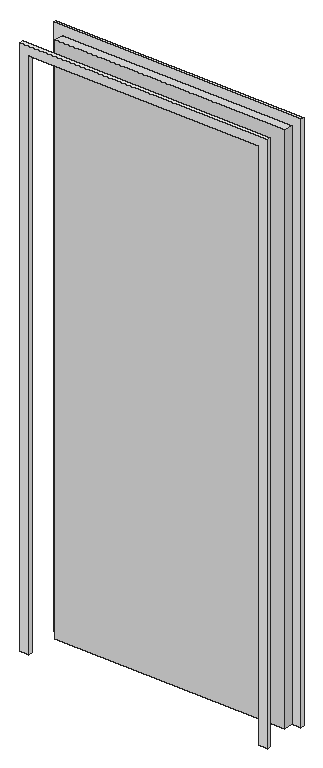
Revit family "Porta_Simples", category Doors, host Wall, Revit 2025
Family settings
  Host = Wall
  OmniClass Number = 23.30.10.00
  OmniClass Title = Doors
  Always vertical = Yes
  Cut with Voids When Loaded = No
  Shared = No
  Room Calculation Point = Yes
Parameters (values of type "POR_090x210_SIM_BOX_CEG_PNE")
  Thickness = 35.00 mm
  Function = Interior
  Door Material = Folha Porta
  Frame Material = Marco Porta
  Height = 2100.00 mm
  Trim Projection Ext = 12.50 mm
  Trim Projection Int = 12.50 mm
  Trim Width = 35.00 mm
  Wall Closure = By host
  Width = 900.00 mm
  Define Thermal Properties by = Schematic Type
  Analytic Construction = "<None>"
Types (12, lengths in mm): name | Thickness | Door Material | Frame Material | Trim Projection Ext | Trim Projection Int | Trim Width | Width
  POR_090x210_SIM_BOX_CEG_PNE | 35.00 | Folha Porta | Marco Porta | 12.50 | 12.50 | 35.00 | 900.00
  POR_110x210_SIM_INT_CEG | 51.00 | CT_Porta_Folha | CT_Porta_Marco | 12.50 | 12.50 | 35.00 | 1100.00
  POR_030x210_SIM_CEG | 35.00 | Folha Porta | Marco Porta | 10.00 | 10.00 | 30.00 | 300.00
  POR_090x210_SIM_INT_CEG | 35.00 | Folha Porta | Marco Porta | 12.50 | 12.50 | 35.00 | 900.00
  POR_040x210_SIM_CEG | 35.00 | Folha Porta | Marco Porta | 10.00 | 10.00 | 30.00 | 400.00
  POR_200x210_SIM_INT_CEG | 35.00 | Folha Porta | Marco Porta | 12.50 | 12.50 | 35.00 | 2000.00
  POR_150x210_SIM_INT_CEG | 35.00 | Folha Porta | Marco Porta | 12.50 | 12.50 | 35.00 | 1500.00
  POR_100x210_SIM_INT_CEG | 51.00 | CT_Porta_Folha | CT_Porta_Marco | 12.50 | 12.50 | 35.00 | 1000.00
  POR_120x210_SIM_INT_CEG | 35.00 | Folha Porta | Marco Porta | 12.50 | 12.50 | 35.00 | 1200.00
  POR_080x210_SIM_INT_CEG | 35.00 | CT_Porta_Folha | CT_Porta_Marco | 12.50 | 12.50 | 35.00 | 800.00
  POR_060x210_SIM_BOX_CEG | 35.00 | Folha Porta | Marco Porta | 12.50 | 12.50 | 35.00 | 600.00
  POR_070x210_SIM_INT_CEG | 35.00 | Folha Porta | Marco Porta | 12.50 | 12.50 | 35.00 | 700.00
Reference planes
  plane 1: y = 0
  plane 2: z = 0
  plane 3: x = 0
  plane 4: x = -450
  plane 5: x = 450
  plane 6: z = 2100
Forms (mm)
  Extrusion 1, solid, material "Folha Porta" <- "Door Material"
    sketch origin (0, 0, 0) x (1, 0, 0) y (0, 0, 1)
      loop
        line (-450, 2100) -> (-450, 0) -> (450, 0) -> (450, 2100) -> (-450, 2100)
    from -76.2 to -41.2
  Extrusion 2, solid, material "Marco Porta" <- "Frame Material"
    sketch origin (-1524, -76.2, 0) x (1, 0, 0) y (0, 0, 1)
      loop
        line (1039, 2135) -> (1039, 0) -> (1074, 0) -> (1074, 2100) -> (1974, 2100) -> (1974, 0) -> (2009, 0) -> (2009, 2135) -> (1039, 2135)
    from 0 to 12.5
  Extrusion 3, solid, material "Marco Porta" <- "Frame Material"
    sketch origin (-1524, 76.2, 0) x (-1, 0, 0) y (0, 0, 1)
      loop
        line (-2009, 2135) -> (-2009, 0) -> (-1974, 0) -> (-1974, 2100) -> (-1074, 2100) -> (-1074, 0) -> (-1039, 0) -> (-1039, 2135) -> (-2009, 2135)
    from 0 to 12.5
Lines and regions (mm)
  Opening 1
    outline origin (-1524, -76.2, 3657.6) x (0, 0, -1) y (1, 0, 0)
      loop
        line (1557.6, 1074) -> (3657.6, 1074) -> (3657.6, 1974) -> (1557.6, 1974) -> (1557.6, 1074)
  symbolic lines, style "DoorsPanelProjection"
    curve 1: line (450, 76.2, 0) -> (415, 76.2, 0)
    curve 2: line (450, 76.2, 0) -> (450, 977.212, 0)
    curve 3: line (450, 977.212, 0) -> (415, 977.212, 0)
    curve 4: line (415, 76.2, 0) -> (415, 977.212, 0)
  model lines, style "DoorsFrameMullionProjection"
    curve 5: line (-485, -76.2, 0) -> (-485, -76.2, 2135)
    curve 6: line (-485, -76.2, 2135) -> (485, -76.2, 2135)
    curve 7: line (485, -76.2, 2135) -> (485, -76.2, 0)
    curve 8: line (485, 76.2, 0) -> (485, 76.2, 2135)
    curve 9: line (-485, 76.2, 2135) -> (485, 76.2, 2135)
    curve 10: line (-485, 76.2, 2135) -> (-485, 76.2, 0)
  symbolic lines, style "Plan Swing"
    curve 11: arc (415, 977.212, 0) -> (-199.849, 701.295, 0) -> (-451.691, 76.2, 0) r 901.691
Dimensions and locks
  equal spacing: plane 4, plane 3, plane 5
  "Width": plane 4 to plane 5
  locked: host wall to curve 1
  control icon elem to plane 5 = 254.408 mm
  "Height": plane 6 to plane 2
  "Trim Width": plane 4 to curve 5
  "Trim Width": plane 5 to curve 7
  "Trim Width": plane 6 to curve 6
  locked: curve 9 to host wall
  "Trim Projection Ext": Extrusion 3 to host wall
  "Trim Projection Int": Extrusion 2 to host wall
  "Thickness": curve 4 to plane 5
  "Thickness": Extrusion 1 to host wall
  plane 6 to level = 2100.00 mm
  aligned and locked: host wall to Extrusion 1
  aligned and locked: plane 2 to curve 5
  aligned and locked: curve 7 to level
  aligned and locked: curve 8 to curve 7
  aligned and locked: curve 6 to Extrusion 2 sketch curve
  aligned and locked: Extrusion 2 sketch curve to curve 5
  aligned and locked: Extrusion 2 sketch curve to curve 7
  aligned and locked: Extrusion 2 to Extrusion 3 sketch curve
  aligned and locked: Extrusion 3 sketch curve to Extrusion 2  (x2)
Automatic sketch dimensions
  Opening 1 sketch curve to plane 6 = 0.00 mm
  Opening 1 sketch curve to level = 0.00 mm
  Opening 1 sketch curve to plane 4 = 0.00 mm
  Opening 1 sketch curve to plane 5 = 0.00 mm
  Extrusion 1 sketch curve to plane 4 = 0.00 mm
  Extrusion 1 sketch curve to plane 5 = 0.00 mm
  Extrusion 1 sketch curve to level = 0.00 mm
  Extrusion 1 sketch curve to plane 6 = 0.00 mm
  Extrusion 2 sketch curve to level = 0.00 mm  (x2)
  Extrusion 2 sketch curve to plane 4 = 0.00 mm
  Extrusion 2 sketch curve to plane 5 = 0.00 mm
  Extrusion 2 sketch curve to plane 6 = 0.00 mm
  Extrusion 3 sketch curve to level = 0.00 mm  (x2)
  Extrusion 3 sketch curve to plane 5 = 0.00 mm
  Extrusion 3 sketch curve to plane 4 = 0.00 mm
  Extrusion 3 sketch curve to plane 6 = 0.00 mm
  curve 1 to plane 5 = 0.00 mm
  curve 11 to plane 5 = 0.00 mm
  plane 4 to curve 11 = 1.691 mm
  curve 11 to host wall = 0.00 mm
  curve 10 to level = 0.00 mm
  curve 8 to level = 0.00 mm
  curve 9 to curve 5 = 0.00 mm
  curve 10 to curve 5 = 0.00 mm
